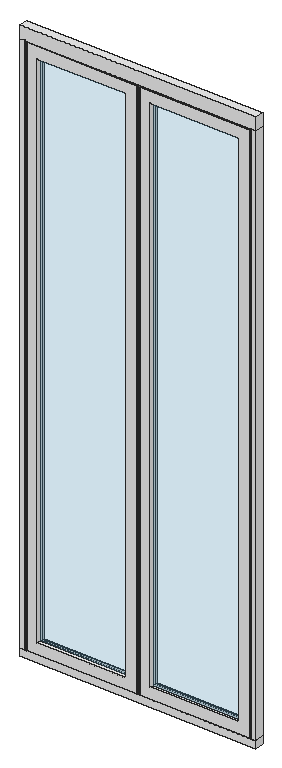
Revit family "98122", category Windows, host Wall, Revit 2018
Family settings
  Host = Wall
  OmniClass Number = 23.30.20.00
  OmniClass Title = Windows
  Always vertical = Yes
  Cut with Voids When Loaded = No
  Shared = No
  Room Calculation Point = No
Parameters (values of type "Standard")
  Y N Override Stack [instance] = no
  Y N Overide Number of Panels [instance] = no
  Warranty URL = "http://www.nanawall.com/support/warranty"
  URL = "http://www.nanawall.com/"
  U Value = 0.57
  Thickness = 0' - 1 3/4"
  Subcategory = "Folding Window"  # constant formula
  Stack Thickness [instance] = 0' 1 3/4" * Overide Number of Panels  # 0' - 7"
  Split Stack Right [instance] = 0
  Split Stack [instance] = no
  Size Comment [instance] = if(or(Y N Override Stack, Y N Overide Number of Panels), "CONTACT NANAWALL FOR SPECIAL SIZING", " ")  # " "
  Size Chart [instance] = "http://www.nanawall.com/products/sl45/size"
  Single Right Stack [instance] = if(and(Y N Override Stack, Left Stack), 1 = 0, if(Right Standard = 1, 1 = 1, if(and(C Split Stack, Split Stack Right = 1), 1 = 1, 1 = 0)))  # yes
  Single Panel [instance] = if(and(Closed, Width < 3' 3 1/16"), 1 = 1, if(Width > 3' 3", 1 = 0, 1 = 0))  # no
  Single Left Stack [instance] = if(and(not(Y N Override Stack), (Left Standard = 1)), 1 = 1, if(and(Y N Override Stack, Left Stack, (Panels = 1)), 1 = 1, (if(and(C Split Stack, Split Stack Right = Panels - 1), 1 = 1, 1 = 0))))  # yes
  Sills Available = "Raised, Low Profile Saddle, Flush"  # constant formula
  Sash = Metal - NanaWall - Aluminum
  Rough Width = Width - (2 * (0' 0 121/128"))  # 3' - 10 7/64"
  Rough Height = Height + 0' 2 133/256"  # 9' - 8 133/256"
  Right Standard [instance] = roundup(Panels / 2)  # 1
  Right Stack Width [instance] = RS C * Thickness  # 0' - 3 1/2"
  Right Stack [instance] = yes
  RS C [instance] = if(RS = 1, 2, if(RS = 0, 2, if(C Split Stack, Split Stack Right, RS)))  # 2
  RS [instance] = if(Not Overide Stack, Right Standard, if(C Right Stack, Panels, if(C Left Stack, 2, if(C Split Stack, Split Stack Right, 2))))  # 1
  Product Page URL = "http://www.nanawall.com/products/sl45"
  Performance URL = "http://www.nanawall.com/products/sl45/testingresult"
  Panels [instance] = if(Y N Overide Number of Panels, Overide Number of Panels, Panel Constraint)  # 2
  Panel Width [instance] = Opening Width / Panels  # 1' - 11 7/128"
  Panel Height = Height Constraint - (0' 2 133/256")  # 9' - 3 123/256"
  Panel Constraint [instance] = if(Width < 4' 7", 2, if(Width < 6' 10", 2, if(Width < 9' 2", 3, if(Width < 11' 5", 4, if(Width < 13' 10", 5, if(Width < 16' 0", 6, if(Width < 18' 4", 7, if(Width < 20' 7", 8, if(Width < 22' 10", 10, if(Width < 33' 0", 11, if(Width < 36' 0", 12, if(Width < 39' 0", 13, if(Width < 42' 0", 14, if(Width < 45' 0", 15, if(Width < 48' 0", 16, if(Width < 51' 0", 17, if(Width < 54' 0", 18, if(Width < 57' 0", 19, if(Width < 60' 0", 20, 21)))))))))))))))))))  # 2
  Overide Number of Panels [instance] = 4
  Opening Width = Width - (0' 0 121/128" * 2)  # 3' - 10 7/64"
  Open Right Single [instance] = if(and(Open, Single Right Stack), 1 = 1, 1 = 0)  # no
  Open Right Multi [instance] = if(and(Open, Multiple Right Stack), 1 = 1, 1 = 0)  # no
  Open Left Single [instance] = if(and(Open, Single Left Stack), 1 = 1, 1 = 0)  # no
  Open Left Multi [instance] = if(and(Open, Multiple Left Stack), 1 = 1, 1 = 0)  # no
  Open [instance] = no
  Number of 2D Swings [instance] = 3
  Not Overide Stack [instance] = not(Y N Override Stack)  # yes
  NanaWall Configurator = "http://www.nanawall.com/products/sl45/options"
  Multiple Right Stack [instance] = if(Width < 3' 3 1/16", 1 = 0, if(and(Right Standard < 1.5, Not Overide Stack), 1 = 0, if(and(Right Standard > 1, Not Overide Stack), 1 = 1, (if(and(C Split Stack, Split Stack Right > 1), 1 = 1, if(C Right Stack, 1 = 1, 1 = 0))))))  # no
  Multiple Panel [instance] = if(and(Open, Width > 3' 3 1/16"), 1 = 0, if(and(Closed, Width > 3' 3 1/16"), 1 = 1, if(Width < 3' 3", 1 = 0, 1 = 1)))  # yes
  Multiple Left Stack [instance] = if(and(Left Standard > 1, Not Overide Stack), 1 = 1, (if(and(C Split Stack, Split Stack Right < Panels - 1), 1 = 1, if(C Left Stack, 1 = 1, 1 = 0))))  # no
  Max Panel Height = if(Panel Height > 9' 6", 9' 6", Panel Height)  # 9' - 3 123/256"
  Manufacturer Toll Free Phone = "(888) 411-NANA(6262)"  # constant formula
  Manufacturer Phone = "(415) 383-3148"  # constant formula
  Manufacturer Fax = "(415) 383-0312"  # constant formula
  Manufacturer Email = "mailto:info@nanawall.com"
  Manufacturer Address = "100 Meadowcreek Drive #250, Corte Madera, CA 94925"  # constant formula
  Left Standard [instance] = rounddown(Panels / 2)  # 1
  Left Stack Width [instance] = LS C * Thickness  # 0' - 3 1/2"
  Left Stack [instance] = no
  LS C [instance] = if(L S = 1, 2, if(L S = 0, 2, if(C Split Stack, Panels - Split Stack Right, L S)))  # 2
  L S [instance] = if(Not Overide Stack, Left Standard, if(C Left Stack, Panels, if(C Right Stack, 2, if(C Split Stack, Panels - Split Stack Right, 2))))  # 1
  Installation and Service URL = "http://www.nanawall.com/support/installer"
  Height Constraint = if(Height < 3' 3", 3' 3", if(Height > 9' 6", 9' 6", Height))  # 9' - 6"
  Half Panel Width [instance] = Panel Width / 2  # 0' - 11 135/256"
  Glazing Options = "http://www.nanawall.com/products/sl45/glazing"
  Glass Material = Glass - NanaWall - Generic
  Filler = Rubber - NanaWall - Black
  Exterior Wall Offset = 0' - 5"
  Engineering Details URL = "http://www.nanawall.com/products/sl45/cad-3d"
  Disclaimer = "Please note that the Revit model is for schematic purposes only.  To obtain a detailed 3D model, please go to the NanaWall's configurator at www.nanawall.com."  # constant formula
  Description = "Monumental Aluminum Framed Folding System"  # constant formula
  Cost Info = "http://www.nanawall.com/products/sl45/pricing"
  Closed [instance] = not(Open)  # yes
  Clearance On [instance] = no
  C Split Stack [instance] = if(and(Y N Override Stack, Split Stack), 1 = 1, if(Right Stack, 1 = 0, if(Left Stack, 1 = 0, 1 = 0)))  # no
  C Right Stack [instance] = if(and(Y N Override Stack, Right Stack), 1 = 1, if(Left Stack, 1 = 0, if(Split Stack, 1 = 0, 1 = 1)))  # yes
  C Left Stack [instance] = if(and(Y N Override Stack, Left Stack), 1 = 1, if(Right Stack, 1 = 0, if(Split Stack, 1 = 0, 1 = 0)))  # no
  Assembly Code = "B2050.4010"
  95 CSI = "8411"  # constant formula
  04 CSI = "08 41 13"  # constant formula
  Model = "SL-45"  # constant formula
  Manufacturer = "NanaWall Systems, Inc."  # constant formula
  Height = 9' - 6"
  Wall Closure = By host
  Width = 4' - 0"
Reference planes (in)
  plane 1 "Center (Front/Back)": y = 0
  plane 2 "Center (Left/Right)": x = 0
  plane 3 "Left": x = -24
  plane 4 "Right": x = 24
  plane 5 "Top": z = 114
  plane 6: z = 111.48047
  plane 7 "Top Edge Of Sill": z = 1.45703
  plane 8: z = 57
  plane 9: x = -23.05512
  plane 10: x = 23.05512
  plane 11: x = 20.5
  plane 12: y = 0.875
  plane 13: y = -0.875
  plane 14: x = 0.00043
  plane 15 "Sash Offset Plane": y = -2
  plane 16: z = -1.45669
  plane 17: y = -2.89316
  plane 18: x = -20.5
Lines and regions (in)
  Opening 1
    outline origin (-90, -3, 0) x (1, 0, 0) y (0, 0, 1)
      loop
        line (66, 0) -> (114, 0) -> (114, 114) -> (66, 114) -> (66, 0)
  symbolic lines
    curve 1: line (-24, -1.125, 0) -> (-24, -2.89316, 0)
    curve 2: line (-23.05512, -2.89316, 0) -> (-24, -2.89316, 0)
    curve 3: line (-23.05512, -1.125, 0) -> (-24, -1.125, 0)
    curve 4: line (-23.05512, -1.125, 0) -> (-23.05512, -2.89316, 0)
    curve 5: line (24, -1.125, 0) -> (23.05512, -1.125, 0)
    curve 6: line (24, -2.89316, 0) -> (23.05512, -2.89316, 0)
    curve 7: line (23.05512, -1.125, 0) -> (23.05512, -2.89316, 0)
    curve 8: line (24, -1.125, 0) -> (24, -2.89316, 0)
    curve 12: line (-24, -1.11573, 0) -> (24, -1.11573, 0)
    curve 13: line (-24, -2.89316, 0) -> (24, -2.89316, 0)
    curve 14: line (-23.05512, -1.74409, 0) -> (23.05512, -1.74409, 0)
    curve 15: line (-23.05512, -2.25591, 0) -> (23.05512, -2.25591, 0)
  symbolic lines, visible <- "Clearance On"
    curve 9: line (-24, -25.94785, 0) -> (-24, -2.89316, 0)
    curve 10: line (24, -25.94785, 0) -> (-24, -25.94785, 0)
    curve 11: line (24, -2.89316, 0) -> (24, -25.94785, 0)
Text (in)
  text "Exterior" at (-82.07294, 24.99392, 0), in view "Ref. Level"
  text "Interior" at (-82.07294, -25.14366, 0), in view "Ref. Level"
  text "Exterior" at (0, 40.15149, 123.01588), in view "Right"
  text "Interior" at (0, -64.39139, 123.01588), in view "Right"
  text "Interior" at (0, -31.01599, 123.00693), in view "Left"
  text "Exterior" at (0, 54.57065, 123.00693), in view "Left"
Dimensions and locks (in)
  "Height Constraint": level to plane 5 "Top"
  "Width": plane 3 "Left" to plane 4 "Right"
  equal spacing: plane 3 "Left", plane 2 "Center (Left/Right)", plane 4 "Right"
  locked: level to plane 7 "Top Edge Of Sill" at 1.45703
  locked: plane 6 to plane 5 "Top" at 2.51953
  equal spacing: level, plane 8, plane 5 "Top"
  locked: plane 3 "Left" to plane 9 at 0.94488
  locked: plane 10 to plane 4 "Right" at 0.94488
  locked: plane 12 to plane 13 at 1.75
  locked: host wall to plane 12 at 0.875
  "Right Stack Width": plane 11 to plane 4 "Right"
  equal spacing: plane 12, plane 1 "Center (Front/Back)", plane 13
  "Panel Width": plane 14 to plane 10
  group 2 to group 1 = 0' - 1 3/4"
  group 1 to group 2 = 0' - 0"  (x2)
  "Exterior Wall Offset": plane 15 "Sash Offset Plane" to host wall
  group 3 to group 4 = 1' - 11.05555"
  group 3 to group 4 = 0' - 0"
  group 4 to group 3 = 0' - 0.0013"
  locked: plane 17 to plane 15 "Sash Offset Plane" at 0.89316
  plane 6 to nested 1 = 0' - 2 133/256"
  locked: plane 15 "Sash Offset Plane" to curve 3 at 0.875
  locked: curve 2 to plane 15 "Sash Offset Plane" at 0.89316
  locked: plane 15 "Sash Offset Plane" to curve 5 at 0.875
  locked: curve 6 to plane 15 "Sash Offset Plane" at 0.89316
  "Left Stack Width": plane 3 "Left" to plane 18
  group 5 to group 6 = 0' - 1 3/4"
  group 5 to group 6 = 0' - 0"  (x2)
  "Panel Width": curve 10 to plane 17
  group 8 to group 7 = 0' - 1 3/4"
  group 7 to group 8 = 0' - 0"  (x2)
  group 9 to group 10 = 0' - 1 3/4"
  group 9 to group 10 = 0' - 0"  (x2)
  curve 13 to plane 15 "Sash Offset Plane" to curve 12 = 0' - 0.89316" locked, 0' - 0.88427" locked
  curve 15 to plane 15 "Sash Offset Plane" to curve 14 = 0' - 0.25591" locked, 0' - 0.25591" locked
  plane 5 "Top" to plane 6 = 0' - 2 133/256"
  aligned and locked: plane 3 "Left" to Opening 1 sketch curve
  aligned and locked: Opening 1 sketch curve to plane 4 "Right"
  aligned and locked: Opening 1 sketch curve to level
  aligned and locked: plane 2 "Center (Left/Right)" to nested 1
  aligned and locked: nested 3 to plane 3 "Left"
  aligned and locked: plane 6 to nested 3
  aligned and locked: nested 1 to plane 5 "Top"
  aligned and locked: nested 4 to plane 4 "Right"
  aligned and locked: nested 5 to plane 4 "Right"
  aligned and locked: nested 6 to plane 11
  aligned and locked: level to nested 2
  aligned and locked: level to nested 4
  aligned and locked: nested 7 to plane 15 "Sash Offset Plane"
  aligned and locked: plane 6 to nested 7
  aligned and locked: plane 6 to nested 8
  aligned and locked: nested 8 to plane 15 "Sash Offset Plane"
  aligned and locked: plane 15 "Sash Offset Plane" to nested 2  (x2)
  aligned and locked: plane 15 "Sash Offset Plane" to nested 1  (x2)
  aligned and locked: Opening 1 sketch curve to plane 5 "Top"
  aligned and locked: plane 15 "Sash Offset Plane" to nested 3
  aligned and locked: nested 4 to plane 15 "Sash Offset Plane"
  aligned and locked: nested 5 to plane 17
  aligned and locked: nested 6 to plane 17
  aligned and locked: plane 10 to nested 8
  aligned and locked: plane 9 to nested 7
  aligned and locked: plane 3 "Left" to curve 1
  aligned and locked: curve 7 to plane 10
  aligned and locked: plane 4 "Right" to curve 8
  aligned and locked: plane 3 "Left" to nested 9
  aligned and locked: nested 9 to plane 17
  aligned and locked: nested 10 to plane 18
  aligned and locked: nested 10 to plane 17
  aligned and locked: curve 9 to plane 3 "Left"
  aligned and locked: plane 17 to nested 11
  aligned and locked: plane 17 to nested 12
  aligned and locked: nested 11 to plane 3 "Left"
  aligned and locked: nested 12 to plane 4 "Right"
  aligned and locked: plane 11 to nested 13
  aligned and locked: plane 17 to nested 6
  aligned and locked: nested 14 to plane 18
  aligned and locked: plane 17 to nested 14
  aligned and locked: nested 15 to plane 17
  aligned and locked: nested 16 to plane 17
  aligned and locked: nested 16 to plane 4 "Right"
  aligned and locked: plane 3 "Left" to nested 15
  aligned and locked: plane 17 to nested 17
  aligned and locked: plane 17 to nested 18
  aligned and locked: nested 17 to plane 3 "Left"
  aligned and locked: nested 18 to plane 4 "Right"
  aligned and locked: plane 3 "Left" to curve 12
  aligned and locked: plane 4 "Right" to curve 12
  aligned and locked: plane 4 "Right" to curve 13
  aligned and locked: plane 3 "Left" to curve 13
  aligned and locked: plane 9 to curve 14
  aligned and locked: plane 9 to curve 15
  aligned and locked: plane 10 to curve 15
  aligned and locked: plane 6 to nested 11
  aligned and locked: plane 6 to nested 12
  aligned and locked: plane 6 to nested 18
  aligned and locked: plane 6 to nested 17
  aligned and locked: plane 17 to nested 13
  aligned and locked: nested 19 to plane 9
  aligned and locked: nested 19 to plane 15 "Sash Offset Plane"
  aligned and locked: plane 6 to nested 13
  aligned and locked: plane 6 to nested 14
Nested families (in)
  nested 1: "Header_SL-45" at (7.30207, -2, 0), type "Header_SL-45"
  nested 2: "Sill_SL-45" at (7.30207, -2, -1.45669), type "Sill_SL-45"
  nested 3: "Left-Jamb_SL-45" at (-16.69793, -2, 0), type "Left-Jamb_SL-45"
  nested 4: "Left-Jamb_SL-45" at (16.69793, -2, 0) x (-1, 0, 0) z (0, 0, 1), type "Left-Jamb_SL-45"
  nested 5: "DetailItem_Panel" at (23.07973, -12.76034, 0), visible <- "Multiple Right Stack", type "DetailItem_Panel"
    with Panel Width 1' - 11 7/128"
  nested 6: "DetailItem_Panel" at (21.32973, -12.76034, 0), visible <- "Multiple Right Stack", type "DetailItem_Panel"
    with Panel Width 1' - 11 7/128"
  nested 7: "Sash_SL45" at (-11.51543, -10.125, 0.0013) x (-1, 0, 0) z (0, 0, 1), visible <- "Multiple Panel", type "Sash_SL45"
  nested 8: "Sash_SL45" at (11.54012, -10.125, 0) x (-1, 0, 0) z (0, 0, 1), visible <- "Multiple Panel", type "Sash_SL45"
  nested 9: "DetailItem_Panel" at (-23.17027, -12.76034, 0), visible <- "Multiple Left Stack", type "DetailItem_Panel"
    with Panel Width 1' - 11 7/128"
  nested 10: "DetailItem_Panel" at (-21.42027, -12.76034, 0), visible <- "Multiple Left Stack", type "DetailItem_Panel"
    with Panel Width 1' - 11 7/128"
  nested 11: "Sash_SL45" at (-31.25, -14.43285, 0) x (0, 1, 0) z (0, 0, 1), visible <- "Open Left Multi", type "Sash_SL45"
  nested 12: "Sash_SL45" at (15, -14.43285, 0) x (0, 1, 0) z (0, 0, 1), visible <- "Open Right Multi", type "Sash_SL45"
  nested 13: "Sash_SL45" at (13.25, -14.43285, 0) x (0, 1, 0) z (0, 0, 1), visible <- "Open Right Multi", type "Sash_SL45"
  nested 14: "Sash_SL45" at (-29.5, -14.43285, 0) x (0, 1, 0) z (0, 0, 1), visible <- "Open Left Multi", type "Sash_SL45"
  nested 15: "DetailItem_Panel" at (-23.17027, -12.76034, 0), visible <- "Single Left Stack", type "DetailItem_Panel"
    with Panel Width 1' - 11 7/128"
  nested 16: "DetailItem_Panel" at (23.07973, -12.76034, 0), visible <- "Single Right Stack", type "DetailItem_Panel"
    with Panel Width 1' - 11 7/128"
  nested 17: "Sash_SL45" at (-31.25, -14.43285, 0) x (0, 1, 0) z (0, 0, 1), visible <- "Open Left Single", type "Sash_SL45"
  nested 18: "Sash_SL45" at (15, -14.43285, 0) x (0, 1, 0) z (0, 0, 1), visible <- "Open Right Single", type "Sash_SL45"
  nested 19: "Sash_SL45" at (0.01192, -10.125, 0.92318) x (-1, 0, 0) z (0, 0, 1), visible <- "Single Panel", type "Sash_SL45 full"
    with Width 3' - 10 7/64"
Definition of nested family "Header_SL-45"
  Parameters
    Width = 4' - 0"
    Height = 9' - 6"
    Header = none
    Half = yes
    Assembly Code = ""
  Reference planes (in)
    plane 1 "Center (Front/Back)": y = 0
    plane 2: z = 0
    plane 3 "Center (Left/Right)": x = -7.30207
    plane 4 "Left": x = -31.30207
    plane 5 "Right": x = 16.69793
    plane 6 "Top": z = 114
  Forms (in)
    Sweep 1, solid, material <- "Header"
      path origin (-67.09578, -180, 114) x (-1, 0, 0) y (0, -1, 0)
        loop
          line (-35.79371, -180) -> (-83.79371, -180)
      profile "Profile_Head_SL-45 : Profile_Head_SL-45" origin (-7.30207, 0, 114) x (0, 1, 0) y (0, 0, 1)
        loop
          line (0.88583, 0) -> (-0.88583, 0) -> (-0.88583, -2.51969) -> (0.88583, -2.51969) -> (0.88583, 0)
  Dimensions and locks (in)
    equal spacing: plane 4 "Left", plane 3 "Center (Left/Right)", plane 5 "Right"
    "Width": plane 4 "Left" to plane 5 "Right"
    "Height": plane 6 "Top" to level
    aligned and locked: nested 1 to plane 6 "Top"
    aligned and locked: plane 1 "Center (Front/Back)" to nested 1
  Automatic sketch dimensions
    Sweep 1 sketch curve to plane 1 "Center (Front/Back)" = 0' - 0"
    Sweep 1 sketch curve to plane 5 "Right" = 0' - 0"
    Sweep 1 sketch curve to plane 4 "Left" = 0' - 0"
  Nested families (in)
    nested 1: "Header_Nana_Walls-S45" at (-31.30207, 0, 114) x (0, -1, 0) z (-1, 0, 0), type "Header_Nana_Walls-S45", detail levels fine
  Definition of nested family "Header_Nana_Walls-S45"
    Parameters
      SmartBIM Object Version = 1  # constant formula
      SmartBIM Object Created By = "Reed Construction Data"  # constant formula
      Half = yes
      Assembly Code = ""
      95 CSI = ""
      04 CSI = ""
    Reference planes (in)
      plane 1 "Center (Front/Back)": y = 0
      plane 2: z = 0
      plane 3 "Center (Left/Right)": x = 0
    Lines and regions (in)
      model lines, in view "Ref. Level"
        curve 1: arc (0.18449, -1.34699, 0) -> (0, -0.76359, 0) -> (-0.18448, -1.34699, 0) r 0.32087
        curve 2: arc (-0.26378, -0.29706, 0) -> (-0.29997, -0.31205, 0) -> (-0.31496, -0.34824, 0) r 0.05118
        curve 3: arc (-0.70866, -1.47816, 0) -> (-0.59055, -1.59627, 0) -> (-0.47244, -1.47816, 0) r 0.11811
        curve 4: arc (-0.47244, -0.69076, 0) -> (-0.59055, -0.57265, 0) -> (-0.70866, -0.69076, 0) r 0.11811
        curve 5: circle (0, -1.08446, 0) r 0.15748 normal (0, 0, 1)
        curve 6: circle (0, -1.08446, 0) r 0.1378 normal (0, 0, 1)
        curve 7: arc (-0.09137, -1.23625, 0) -> (0, -1.26163, 0) -> (0.09137, -1.23625, 0) r 0.17717
        curve 8: arc (-0.18448, -1.34699, 0) -> (-0.15004, -1.35233, 0) -> (-0.12485, -1.32824, 0) r 0.03937
        curve 9: arc (-0.08965, -1.23152, 0) -> (-0.08924, -1.2193, 0) -> (-0.09613, -1.2092, 0) r 0.01969
        curve 10: arc (0.09613, -1.2092, 0) -> (0.08924, -1.2193, 0) -> (0.08965, -1.23152, 0) r 0.01969
        curve 11: arc (0.12485, -1.32824, 0) -> (0.15004, -1.35233, 0) -> (0.18449, -1.34699, 0) r 0.03937
        curve 12: arc (-0.02614, -0.90923, 0) -> (-0.10494, -0.94172, 0) -> (-0.15945, -1.00724, 0) r 0.17717
        curve 13: arc (-0.06451, -0.85722, 0) -> (-0.14996, -0.90194, 0) -> (-0.21041, -0.97709, 0) r 0.23622
        curve 14: arc (-0.21041, -0.97709, 0) -> (-0.20966, -0.99632, 0) -> (-0.19287, -1.00572, 0) r 0.01969
        curve 15: arc (-0.14847, -1.03197, 0) -> (-0.15096, -1.01404, 0) -> (-0.16703, -1.00572, 0) r 0.01969
        curve 16: arc (-0.04063, -0.86942, 0) -> (-0.05017, -0.85863, 0) -> (-0.06451, -0.85722, 0) r 0.01969
        curve 17: arc (0.21041, -0.97709, 0) -> (0.14996, -0.90194, 0) -> (0.06451, -0.85722, 0) r 0.23622
        curve 18: arc (0.15945, -1.00724, 0) -> (0.10494, -0.94172, 0) -> (0.02614, -0.90923, 0) r 0.17717
        curve 19: arc (-0.0244, -0.91403, 0) -> (-0.01719, -0.92342, 0) -> (-0.0059, -0.92698, 0) r 0.01969
        curve 20: arc (0.0059, -0.92698, 0) -> (0.01719, -0.92342, 0) -> (0.0244, -0.91403, 0) r 0.01969
        curve 21: arc (0.06451, -0.85722, 0) -> (0.05017, -0.85863, 0) -> (0.04063, -0.86942, 0) r 0.01969
        curve 22: arc (0.16703, -1.00572, 0) -> (0.15096, -1.01404, 0) -> (0.14847, -1.03197, 0) r 0.01969
        curve 23: arc (0.19287, -1.00572, 0) -> (0.20966, -0.99632, 0) -> (0.21041, -0.97709, 0) r 0.01969
        curve 24: arc (0.47244, -1.47816, 0) -> (0.59055, -1.59627, 0) -> (0.70866, -1.47816, 0) r 0.11811
        curve 25: arc (0.70866, -0.69076, 0) -> (0.59055, -0.57265, 0) -> (0.47244, -0.69076, 0) r 0.11811
        curve 26: arc (0.31496, -0.34824, 0) -> (0.29997, -0.31205, 0) -> (0.26378, -0.29706, 0) r 0.05118
        curve 27: line (-0.28543, -1.32068, 0) -> (-0.28543, -2.63761, 0)
        curve 28: line (0, -2.63761, 0) -> (0, -0.21853, 0)
        curve 29: line (0.28543, -1.32068, 0) -> (0.28543, -2.63761, 0)
        curve 47: line (0.21715, -1.32068, 0) -> (0.3937, -1.32068, 0)
        curve 48: line (0.3937, -1.32068, 0) -> (0.3937, -0.84824, 0)
        curve 49: line (0.3937, -0.84824, 0) -> (0.21715, -0.84824, 0)
        curve 50: line (-0.34449, -0.84824, 0) -> (-0.34449, -0.69076, 0)
        curve 51: line (-0.34449, -0.69076, 0) -> (0.34449, -0.69076, 0)
        curve 52: line (0.34449, -0.69076, 0) -> (0.34449, -0.84824, 0)
        curve 53: line (0.31496, -0.69076, 0) -> (0.31496, -0.34824, 0)
        curve 54: line (0.31496, -0.34824, 0) -> (-0.31496, -0.34824, 0)
        curve 55: line (-0.31496, -0.34824, 0) -> (-0.31496, -0.69076, 0)
        curve 56: line (0.26378, -0.29706, 0) -> (-0.26378, -0.29706, 0)
        curve 57: line (0.33097, -1.08446, 0) -> (-0.36397, -1.08446, 0)
        curve 58: line (-0.21715, -0.84824, 0) -> (-0.3937, -0.84824, 0)
        curve 59: line (-0.3937, -0.84824, 0) -> (-0.3937, -1.32068, 0)
        curve 60: line (-0.3937, -1.32068, 0) -> (-0.21715, -1.32068, 0)
        curve 61: line (-0.70866, -0.69076, 0) -> (-0.70866, -1.47816, 0)
        curve 62: line (-0.72047, -1.00966, 0) -> (-0.75984, -1.00966, 0)
        curve 63: line (-0.75984, -1.00966, 0) -> (-0.75984, -1.15926, 0)
        curve 64: line (-0.75984, -1.15926, 0) -> (-0.72047, -1.15926, 0)
        curve 65: line (-0.70866, -0.9073, 0) -> (-0.72047, -0.9073, 0)
        curve 66: line (-0.72047, -0.9073, 0) -> (-0.72047, -1.26163, 0)
        curve 67: line (-0.72047, -1.26163, 0) -> (-0.70866, -1.26163, 0)
        curve 68: line (-0.47244, -0.69076, 0) -> (-0.47244, -1.47816, 0)
        curve 69: line (-0.3937, -1.26163, 0) -> (-0.47244, -1.26163, 0)
        curve 70: line (-0.3937, -0.9073, 0) -> (-0.47244, -0.9073, 0)
        curve 71: line (-0.1221, -1.32068, 0) -> (0.1221, -1.32068, 0)
        curve 72: line (-0.12485, -1.32824, 0) -> (-0.09137, -1.23625, 0)
        curve 73: line (0.09137, -1.23625, 0) -> (0.12485, -1.32824, 0)
        curve 74: line (-0.04063, -0.86942, 0) -> (-0.02614, -0.90923, 0)
        curve 75: line (-0.16703, -1.00572, 0) -> (-0.19287, -1.00572, 0)
        curve 76: line (0.02614, -0.90923, 0) -> (0.04063, -0.86942, 0)
        curve 77: line (0.19287, -1.00572, 0) -> (0.16703, -1.00572, 0)
        curve 78: line (0.70866, -0.69076, 0) -> (0.70866, -1.47816, 0)
        curve 79: line (0.47244, -0.69076, 0) -> (0.47244, -1.47816, 0)
        curve 80: line (0.70866, -0.9073, 0) -> (0.72047, -0.9073, 0)
        curve 81: line (0.72047, -0.9073, 0) -> (0.72047, -1.26163, 0)
        curve 82: line (0.72047, -1.26163, 0) -> (0.70866, -1.26163, 0)
        curve 83: line (0.72047, -1.00966, 0) -> (0.75984, -1.00966, 0)
        curve 84: line (0.75984, -1.00966, 0) -> (0.75984, -1.15926, 0)
        curve 85: line (0.75984, -1.15926, 0) -> (0.72047, -1.15926, 0)
        curve 86: line (0.3937, -1.26163, 0) -> (0.47244, -1.26163, 0)
        curve 87: line (0.3937, -0.9073, 0) -> (0.47244, -0.9073, 0)
        curve 111: line (-0.55905, -2.45669, 0) -> (-0.77165, -2.45669, 0)
        curve 112: line (-0.60468, -2.40551, 0) -> (-0.7397, -2.40551, 0)
        curve 114: line (0.55906, -2.45669, 0) -> (0.77165, -2.45669, 0)
        curve 121: line (0.60468, -2.40551, 0) -> (0.7397, -2.40551, 0)
        curve 155: arc (-0.46201, -2.30012, 0) -> (-0.4932, -2.30208, 0) -> (-0.49515, -2.33327, 0) r 0.02362
        curve 156: arc (-0.59146, -2.33327, 0) -> (-0.59342, -2.30208, 0) -> (-0.6246, -2.30012, 0) r 0.02362
        curve 157: arc (-0.69939, -2.31328, 0) -> (-0.76696, -2.30166, 0) -> (-0.76854, -2.37021, 0) r 0.04528
        curve 158: arc (-0.44832, -2.38732, 0) -> (-0.39039, -2.31489, 0) -> (-0.38057, -2.22268, 0) r 0.16535
        curve 159: arc (-0.59146, -2.33327, 0) -> (-0.54331, -2.34646, 0) -> (-0.49515, -2.33327, 0) r 0.09449
        curve 160: arc (-0.79528, -2.40551, 0) -> (-0.80919, -2.41128, 0) -> (-0.81496, -2.4252, 0) r 0.01969
        curve 161: arc (-0.81496, -2.43701, 0) -> (-0.80919, -2.45093, 0) -> (-0.79528, -2.45669, 0) r 0.01969
        curve 162: arc (-0.68501, -2.33719, 0) -> (-0.65043, -2.37793, 0) -> (-0.60468, -2.40551, 0) r 0.16535
        curve 163: arc (-0.75591, -2.47244, 0) -> (-0.76052, -2.46131, 0) -> (-0.77165, -2.45669, 0) r 0.01575
        curve 164: arc (-0.77559, -2.51969, 0) -> (-0.76167, -2.51392, 0) -> (-0.75591, -2.5, 0) r 0.01969
        curve 165: arc (-0.7397, -2.40551, 0) -> (-0.73603, -2.40299, 0) -> (-0.73706, -2.39865, 0) r 0.00394
        curve 166: arc (-0.55905, -2.45669, 0) -> (-0.57297, -2.46246, 0) -> (-0.57874, -2.47638, 0) r 0.01969
        curve 167: arc (-0.57874, -2.5, 0) -> (-0.57297, -2.51392, 0) -> (-0.55905, -2.51969, 0) r 0.01969
        curve 168: arc (-0.52756, -2.4252, 0) -> (-0.53332, -2.41128, 0) -> (-0.54724, -2.40551, 0) r 0.01969
        curve 169: arc (-0.54724, -2.45669, 0) -> (-0.53332, -2.45093, 0) -> (-0.52756, -2.43701, 0) r 0.01969
        curve 170: arc (-0.37402, -2.51969, 0) -> (-0.31834, -2.49662, 0) -> (-0.29528, -2.44094, 0) r 0.07874
        curve 171: arc (-0.45669, -2.41732, 0) -> (-0.44452, -2.44579, 0) -> (-0.41552, -2.45665, 0) r 0.03937
        curve 172: arc (-0.44832, -2.38732, 0) -> (-0.45447, -2.39435, 0) -> (-0.45669, -2.40343, 0) r 0.01969
        curve 173: arc (-0.41552, -2.45665, 0) -> (-0.38902, -2.45101, 0) -> (-0.3684, -2.43343, 0) r 0.05512
        curve 174: arc (-0.29528, -2.42913, 0) -> (-0.31722, -2.39912, 0) -> (-0.35248, -2.41093, 0) r 0.0315
        curve 175: arc (-0.49858, -2.17678, 0) -> (-0.49054, -2.20415, 0) -> (-0.46201, -2.20382, 0) r 0.02362
        curve 176: arc (-0.60314, -2.14833, 0) -> (-0.6332, -2.12885, 0) -> (-0.66659, -2.14178, 0) r 0.03937
        curve 177: arc (-0.66659, -2.14178, 0) -> (-0.68622, -2.16879, 0) -> (-0.70001, -2.1992, 0) r 0.16535
        curve 178: arc (-0.71867, -2.2126, 0) -> (-0.70718, -2.2089, 0) -> (-0.70001, -2.1992, 0) r 0.01969
        curve 179: arc (-0.6246, -2.20382, 0) -> (-0.59608, -2.20415, 0) -> (-0.58803, -2.17678, 0) r 0.02362
        curve 180: arc (-0.6246, -2.20382, 0) -> (-0.63779, -2.25197, 0) -> (-0.6246, -2.30012, 0) r 0.09449
        curve 181: arc (-0.78346, -1.4815, 0) -> (-0.77819, -1.50119, 0) -> (-0.76378, -1.5156, 0) r 0.03937
        curve 182: arc (-0.59909, -1.61068, 0) -> (-0.5794, -1.61596, 0) -> (-0.55972, -1.61068, 0) r 0.03937
        curve 183: arc (-0.46201, -2.30012, 0) -> (-0.44882, -2.25197, 0) -> (-0.46201, -2.20382, 0) r 0.09449
        curve 184: arc (-0.36119, -2.19951, 0) -> (-0.3763, -2.20657, 0) -> (-0.38057, -2.22268, 0) r 0.01969
        curve 185: arc (-0.44937, -2.12864, 0) -> (-0.46906, -2.13392, 0) -> (-0.48347, -2.14833, 0) r 0.03937
        curve 186: arc (-0.33465, -2.19951, 0) -> (-0.30681, -2.18798, 0) -> (-0.29528, -2.16014, 0) r 0.03937
        curve 187: arc (-0.31496, -2.07155, 0) -> (-0.32888, -2.07731, 0) -> (-0.33465, -2.09123, 0) r 0.01969
        curve 188: arc (-0.29528, -2.09123, 0) -> (-0.30104, -2.07731, 0) -> (-0.31496, -2.07155, 0) r 0.01969
        curve 189: arc (-0.35433, -2.12864, 0) -> (-0.34041, -2.12288, 0) -> (-0.33465, -2.10896, 0) r 0.01969
        curve 190: arc (-0.33465, -1.77559, 0) -> (-0.30681, -1.76406, 0) -> (-0.29528, -1.73622, 0) r 0.03937
        curve 191: arc (-0.38924, -1.55772, 0) -> (-0.41315, -1.53937, 0) -> (-0.44302, -1.54331, 0) r 0.03937
        curve 192: arc (-0.49515, -0.29272, 0) -> (-0.4932, -0.32391, 0) -> (-0.46201, -0.32586, 0) r 0.02362
        curve 193: arc (-0.46201, -0.42217, 0) -> (-0.49054, -0.42183, 0) -> (-0.49858, -0.44921, 0) r 0.02362
        curve 194: arc (-0.49515, -0.29272, 0) -> (-0.54331, -0.27953, 0) -> (-0.59146, -0.29272, 0) r 0.09449
        curve 195: arc (-0.70001, -0.42679, 0) -> (-0.68622, -0.45719, 0) -> (-0.66659, -0.48421, 0) r 0.16535
        curve 196: arc (-0.66659, -0.48421, 0) -> (-0.6332, -0.49713, 0) -> (-0.60314, -0.47766, 0) r 0.03937
        curve 197: arc (-0.54331, -0.20866, 0) -> (-0.63978, -0.23972, 0) -> (-0.70001, -0.32124, 0) r 0.16535
        curve 198: arc (-0.80709, -0.31496, 0) -> (-0.80132, -0.32888, 0) -> (-0.7874, -0.33465, 0) r 0.01969
        curve 199: arc (-0.76378, -0.41339, 0) -> (-0.7777, -0.41915, 0) -> (-0.78346, -0.43307, 0) r 0.01969
        curve 200: arc (-0.70001, -0.42679, 0) -> (-0.70718, -0.41708, 0) -> (-0.71867, -0.41339, 0) r 0.01969
        curve 201: arc (-0.71867, -0.33465, 0) -> (-0.70718, -0.33095, 0) -> (-0.70001, -0.32124, 0) r 0.01969
        curve 202: arc (-0.6246, -0.32586, 0) -> (-0.59342, -0.32391, 0) -> (-0.59146, -0.29272, 0) r 0.02362
        curve 203: arc (-0.58803, -0.44921, 0) -> (-0.59608, -0.42183, 0) -> (-0.6246, -0.42217, 0) r 0.02362
        curve 204: arc (-0.6246, -0.32586, 0) -> (-0.63779, -0.37402, 0) -> (-0.6246, -0.42217, 0) r 0.09449
        curve 205: arc (-0.42002, -0.48421, 0) -> (-0.37861, -0.38872, 0) -> (-0.40245, -0.2874, 0) r 0.16535
        curve 206: arc (-0.48347, -0.47766, 0) -> (-0.45342, -0.49713, 0) -> (-0.42002, -0.48421, 0) r 0.03937
        curve 207: arc (-0.46201, -0.42217, 0) -> (-0.44882, -0.37402, 0) -> (-0.46201, -0.32586, 0) r 0.09449
        curve 208: arc (-0.33465, -0.2874, 0) -> (-0.26505, -0.25857, 0) -> (-0.23622, -0.18898, 0) r 0.09843
        curve 209: arc (-0.33465, -0.20866, 0) -> (-0.32073, -0.2029, 0) -> (-0.31496, -0.18898, 0) r 0.01969
        curve 210: arc (-0.21654, -0.07874, 0) -> (-0.23045, -0.08451, 0) -> (-0.23622, -0.09843, 0) r 0.01969
        curve 211: arc (0.62461, -2.30012, 0) -> (0.59342, -2.30208, 0) -> (0.59146, -2.33327, 0) r 0.02362
        curve 212: arc (0.76855, -2.37021, 0) -> (0.76696, -2.30166, 0) -> (0.69939, -2.31328, 0) r 0.04528
        curve 213: arc (0.49515, -2.33327, 0) -> (0.4932, -2.30208, 0) -> (0.46201, -2.30012, 0) r 0.02362
        curve 214: arc (0.38057, -2.22268, 0) -> (0.39039, -2.31489, 0) -> (0.44832, -2.38732, 0) r 0.16535
        curve 215: arc (0.29528, -2.44094, 0) -> (0.31834, -2.49662, 0) -> (0.37402, -2.51969, 0) r 0.07874
        curve 216: arc (0.35248, -2.41093, 0) -> (0.31722, -2.39912, 0) -> (0.29528, -2.42913, 0) r 0.0315
        curve 217: arc (0.3684, -2.43343, 0) -> (0.38902, -2.45101, 0) -> (0.41552, -2.45665, 0) r 0.05512
        curve 218: arc (0.57874, -2.47638, 0) -> (0.57297, -2.46246, 0) -> (0.55906, -2.45669, 0) r 0.01969
        curve 219: arc (0.55906, -2.51969, 0) -> (0.57297, -2.51392, 0) -> (0.57874, -2.5, 0) r 0.01969
        curve 220: arc (0.49515, -2.33327, 0) -> (0.54331, -2.34646, 0) -> (0.59146, -2.33327, 0) r 0.09449
        curve 221: arc (0.45669, -2.40343, 0) -> (0.45447, -2.39435, 0) -> (0.44832, -2.38732, 0) r 0.01969
        curve 222: arc (0.41552, -2.45665, 0) -> (0.44452, -2.44579, 0) -> (0.45669, -2.41732, 0) r 0.03937
        curve 223: arc (0.54724, -2.40551, 0) -> (0.53332, -2.41128, 0) -> (0.52756, -2.4252, 0) r 0.01969
        curve 224: arc (0.52756, -2.43701, 0) -> (0.53332, -2.45093, 0) -> (0.54724, -2.45669, 0) r 0.01969
        curve 225: arc (0.60468, -2.40551, 0) -> (0.65043, -2.37793, 0) -> (0.68501, -2.33719, 0) r 0.16535
        curve 226: arc (0.77165, -2.45669, 0) -> (0.76052, -2.46131, 0) -> (0.75591, -2.47244, 0) r 0.01575
        curve 227: arc (0.75591, -2.5, 0) -> (0.76167, -2.51392, 0) -> (0.77559, -2.51969, 0) r 0.01969
        curve 228: arc (0.81496, -2.4252, 0) -> (0.8092, -2.41128, 0) -> (0.79528, -2.40551, 0) r 0.01969
        curve 229: arc (0.79528, -2.45669, 0) -> (0.8092, -2.45093, 0) -> (0.81496, -2.43701, 0) r 0.01969
        curve 230: arc (0.73706, -2.39865, 0) -> (0.73603, -2.40299, 0) -> (0.7397, -2.40551, 0) r 0.00394
        curve 231: arc (0.29528, -2.16014, 0) -> (0.30681, -2.18798, 0) -> (0.33465, -2.19951, 0) r 0.03937
        curve 232: arc (0.38057, -2.22268, 0) -> (0.3763, -2.20657, 0) -> (0.36119, -2.19951, 0) r 0.01969
        curve 233: arc (0.33465, -2.10896, 0) -> (0.34041, -2.12288, 0) -> (0.35433, -2.12864, 0) r 0.01969
        curve 234: arc (0.33465, -2.09123, 0) -> (0.32888, -2.07731, 0) -> (0.31496, -2.07155, 0) r 0.01969
        curve 235: arc (0.31496, -2.07155, 0) -> (0.30104, -2.07731, 0) -> (0.29528, -2.09123, 0) r 0.01969
        curve 236: arc (0.29528, -1.73622, 0) -> (0.30681, -1.76406, 0) -> (0.33465, -1.77559, 0) r 0.03937
        curve 237: arc (0.46201, -2.20382, 0) -> (0.49054, -2.20415, 0) -> (0.49858, -2.17678, 0) r 0.02362
        curve 238: arc (0.46201, -2.20382, 0) -> (0.44882, -2.25197, 0) -> (0.46201, -2.30012, 0) r 0.09449
        curve 239: arc (0.48347, -2.14833, 0) -> (0.46906, -2.13392, 0) -> (0.44937, -2.12864, 0) r 0.03937
        curve 240: arc (0.70001, -2.1992, 0) -> (0.68622, -2.16879, 0) -> (0.66659, -2.14178, 0) r 0.16535
        curve 241: arc (0.62461, -2.30012, 0) -> (0.6378, -2.25197, 0) -> (0.62461, -2.20382, 0) r 0.09449
        curve 242: arc (0.58803, -2.17678, 0) -> (0.59608, -2.20415, 0) -> (0.62461, -2.20382, 0) r 0.02362
        curve 243: arc (0.70001, -2.1992, 0) -> (0.70718, -2.2089, 0) -> (0.71867, -2.2126, 0) r 0.01969
        curve 244: arc (0.66659, -2.14178, 0) -> (0.6332, -2.12885, 0) -> (0.60314, -2.14833, 0) r 0.03937
        curve 245: arc (0.44302, -1.54331, 0) -> (0.41315, -1.53937, 0) -> (0.38924, -1.55772, 0) r 0.03937
        curve 246: arc (0.55972, -1.61068, 0) -> (0.5794, -1.61596, 0) -> (0.59909, -1.61068, 0) r 0.03937
        curve 247: arc (0.76378, -1.5156, 0) -> (0.77819, -1.50119, 0) -> (0.78346, -1.4815, 0) r 0.03937
        curve 248: arc (0.66659, -0.48421, 0) -> (0.68622, -0.45719, 0) -> (0.70001, -0.42679, 0) r 0.16535
        curve 249: arc (0.40245, -0.2874, 0) -> (0.37861, -0.38872, 0) -> (0.42002, -0.48421, 0) r 0.16535
        curve 250: arc (0.42002, -0.48421, 0) -> (0.45342, -0.49713, 0) -> (0.48347, -0.47766, 0) r 0.03937
        curve 251: arc (0.60314, -0.47766, 0) -> (0.6332, -0.49713, 0) -> (0.66659, -0.48421, 0) r 0.03937
        curve 252: arc (0.23622, -0.18898, 0) -> (0.26505, -0.25857, 0) -> (0.33465, -0.2874, 0) r 0.09843
        curve 253: arc (0.31496, -0.18898, 0) -> (0.32073, -0.2029, 0) -> (0.33465, -0.20866, 0) r 0.01969
        curve 254: arc (0.23622, -0.09843, 0) -> (0.23046, -0.08451, 0) -> (0.21654, -0.07874, 0) r 0.01969
        curve 255: arc (0.70001, -0.32124, 0) -> (0.63979, -0.23972, 0) -> (0.54331, -0.20866, 0) r 0.16535
        curve 256: arc (0.59146, -0.29272, 0) -> (0.54331, -0.27953, 0) -> (0.49515, -0.29272, 0) r 0.09449
        curve 257: arc (0.46201, -0.32586, 0) -> (0.4932, -0.32391, 0) -> (0.49515, -0.29272, 0) r 0.02362
        curve 258: arc (0.49858, -0.44921, 0) -> (0.49054, -0.42183, 0) -> (0.46201, -0.42217, 0) r 0.02362
        curve 259: arc (0.46201, -0.32586, 0) -> (0.44882, -0.37402, 0) -> (0.46201, -0.42217, 0) r 0.09449
        curve 260: arc (0.59146, -0.29272, 0) -> (0.59342, -0.32391, 0) -> (0.62461, -0.32586, 0) r 0.02362
        curve 261: arc (0.62461, -0.42217, 0) -> (0.6378, -0.37402, 0) -> (0.62461, -0.32586, 0) r 0.09449
        curve 262: arc (0.62461, -0.42217, 0) -> (0.59608, -0.42183, 0) -> (0.58803, -0.44921, 0) r 0.02362
        curve 263: arc (0.71867, -0.41339, 0) -> (0.70718, -0.41708, 0) -> (0.70001, -0.42679, 0) r 0.01969
        curve 264: arc (0.70001, -0.32124, 0) -> (0.70718, -0.33095, 0) -> (0.71867, -0.33465, 0) r 0.01969
        curve 265: arc (0.7874, -0.33465, 0) -> (0.80132, -0.32888, 0) -> (0.80709, -0.31496, 0) r 0.01969
        curve 266: arc (0.78346, -0.43307, 0) -> (0.7777, -0.41915, 0) -> (0.76378, -0.41339, 0) r 0.01969
        curve 333: line (0.21654, -0.07874, 0) -> (0, -0.07874, 0)
        curve 334: line (0, -0.07874, 0) -> (-0.21654, -0.07874, 0)
        curve 335: line (-0.78346, -0.43307, 0) -> (-0.78346, -1.4815, 0)
        curve 336: line (-0.69939, -2.31328, 0) -> (-0.68501, -2.33719, 0)
        curve 337: line (-0.37402, -2.51969, 0) -> (-0.55905, -2.51969, 0)
        curve 338: line (-0.75591, -2.47244, 0) -> (-0.75591, -2.5, 0)
        curve 339: line (-0.73706, -2.39865, 0) -> (-0.76854, -2.37021, 0)
        curve 340: line (-0.7397, -2.40551, 0) -> (-0.79528, -2.40551, 0)
        curve 341: line (-0.79528, -2.45669, 0) -> (-0.77165, -2.45669, 0)
        curve 342: line (-0.81496, -2.4252, 0) -> (-0.81496, -2.43701, 0)
        curve 343: line (-0.57874, -2.47638, 0) -> (-0.57874, -2.5, 0)
        curve 344: line (-0.54724, -2.40551, 0) -> (-0.60468, -2.40551, 0)
        curve 345: line (-0.54724, -2.45669, 0) -> (-0.55905, -2.45669, 0)
        curve 346: line (-0.52756, -2.4252, 0) -> (-0.52756, -2.43701, 0)
        curve 347: line (-0.35248, -2.41093, 0) -> (-0.3684, -2.43343, 0)
        curve 348: line (-0.45669, -2.40343, 0) -> (-0.45669, -2.41732, 0)
        curve 349: line (-0.29528, -2.42913, 0) -> (-0.29528, -2.44094, 0)
        curve 350: line (-0.44302, -1.54331, 0) -> (-0.55972, -1.61068, 0)
        curve 351: line (-0.60314, -2.14833, 0) -> (-0.59055, -2.17014, 0)
        curve 352: line (-0.59055, -2.17014, 0) -> (-0.58803, -2.17678, 0)
        curve 353: line (-0.76378, -1.5156, 0) -> (-0.59909, -1.61068, 0)
        curve 354: line (-0.29528, -1.73622, 0) -> (-0.29528, -1.72047, 0)
        curve 355: line (-0.29528, -1.72047, 0) -> (-0.38924, -1.55772, 0)
        curve 356: line (-0.44937, -2.12864, 0) -> (-0.37402, -2.12864, 0)
        curve 357: line (-0.37402, -2.12864, 0) -> (-0.35433, -2.12864, 0)
        curve 358: line (-0.36119, -2.19951, 0) -> (-0.33465, -2.19951, 0)
        curve 359: line (-0.48347, -2.14833, 0) -> (-0.49606, -2.17014, 0)
        curve 360: line (-0.49606, -2.17014, 0) -> (-0.49858, -2.17678, 0)
        curve 361: line (-0.33465, -2.09123, 0) -> (-0.33465, -2.10896, 0)
        curve 362: line (-0.29528, -2.16014, 0) -> (-0.29528, -2.09123, 0)
        curve 363: line (-0.33465, -1.77559, 0) -> (-0.37402, -1.77559, 0)
        curve 364: line (-0.37402, -1.77559, 0) -> (-0.37402, -1.72047, 0)
        curve 365: line (-0.37402, -1.72047, 0) -> (-0.78346, -1.72047, 0)
        curve 366: line (-0.78346, -1.72047, 0) -> (-0.78346, -2.2126, 0)
        curve 367: line (-0.78346, -2.2126, 0) -> (-0.71867, -2.2126, 0)
        curve 368: line (-0.54331, -0.20866, 0) -> (-0.33465, -0.20866, 0)
        curve 369: line (-0.60314, -0.47766, 0) -> (-0.59055, -0.45584, 0)
        curve 370: line (-0.59055, -0.45584, 0) -> (-0.58803, -0.44921, 0)
        curve 371: line (-0.80709, -0.31496, 0) -> (-0.80709, -0.05906, 0)
        curve 372: line (-0.80709, -0.05906, 0) -> (-0.68898, -0.05906, 0)
        curve 373: line (-0.68898, -0.05906, 0) -> (-0.7048, 0, 0)
        curve 374: line (-0.7048, 0, 0) -> (-0.88583, 0, 0)
        curve 375: line (-0.88583, 0, 0) -> (-0.88583, -2.51969, 0)
        curve 376: line (-0.88583, -2.51969, 0) -> (-0.77559, -2.51969, 0)
        curve 377: line (-0.71867, -0.41339, 0) -> (-0.77559, -0.41339, 0)
        curve 378: line (-0.71867, -0.33465, 0) -> (-0.7874, -0.33465, 0)
        curve 379: line (-0.48347, -0.47766, 0) -> (-0.49606, -0.45584, 0)
        curve 380: line (-0.49606, -0.45584, 0) -> (-0.49858, -0.44921, 0)
        curve 381: line (-0.23622, -0.18898, 0) -> (-0.23622, -0.09843, 0)
        curve 382: line (-0.31496, -0.18898, 0) -> (-0.31496, -0.05906, 0)
        curve 383: line (-0.31496, -0.05906, 0) -> (-0.3937, -0.05906, 0)
        curve 384: line (-0.3937, -0.05906, 0) -> (-0.37788, 0, 0)
        curve 385: line (-0.37788, 0, 0) -> (0, 0, 0)
        curve 386: line (0, 0, 0) -> (0.37788, 0, 0)
        curve 387: line (0.37788, 0, 0) -> (0.3937, -0.05906, 0)
        curve 388: line (0.3937, -0.05906, 0) -> (0.31496, -0.05906, 0)
        curve 389: line (0.31496, -0.05906, 0) -> (0.31496, -0.18898, 0)
        curve 390: line (-0.40245, -0.2874, 0) -> (-0.33465, -0.2874, 0)
        curve 391: line (0.78346, -0.43307, 0) -> (0.78346, -1.4815, 0)
        curve 392: line (0.69939, -2.31328, 0) -> (0.68501, -2.33719, 0)
        curve 393: line (0.37402, -2.51969, 0) -> (0.55906, -2.51969, 0)
        curve 394: line (0.29528, -2.42913, 0) -> (0.29528, -2.44094, 0)
        curve 395: line (0.35248, -2.41093, 0) -> (0.3684, -2.43343, 0)
        curve 396: line (0.54724, -2.40551, 0) -> (0.60468, -2.40551, 0)
        curve 397: line (0.45669, -2.40343, 0) -> (0.45669, -2.41732, 0)
        curve 398: line (0.52756, -2.4252, 0) -> (0.52756, -2.43701, 0)
        curve 399: line (0.54724, -2.45669, 0) -> (0.55906, -2.45669, 0)
        curve 400: line (0.57874, -2.47638, 0) -> (0.57874, -2.5, 0)
        curve 401: line (0.75591, -2.47244, 0) -> (0.75591, -2.5, 0)
        curve 402: line (0.73706, -2.39865, 0) -> (0.76855, -2.37021, 0)
        curve 403: line (0.7397, -2.40551, 0) -> (0.79528, -2.40551, 0)
        curve 404: line (0.79528, -2.45669, 0) -> (0.77165, -2.45669, 0)
        curve 405: line (0.81496, -2.4252, 0) -> (0.81496, -2.43701, 0)
        curve 406: line (0.76378, -1.5156, 0) -> (0.59909, -1.61068, 0)
        curve 407: line (0.29528, -1.73622, 0) -> (0.29528, -1.72047, 0)
        curve 408: line (0.29528, -1.72047, 0) -> (0.38924, -1.55772, 0)
        curve 409: line (0.44937, -2.12864, 0) -> (0.37402, -2.12864, 0)
        curve 410: line (0.37402, -2.12864, 0) -> (0.35433, -2.12864, 0)
        curve 411: line (0.36119, -2.19951, 0) -> (0.33465, -2.19951, 0)
        curve 412: line (0.29528, -2.16014, 0) -> (0.29528, -2.09123, 0)
        curve 413: line (0.33465, -2.09123, 0) -> (0.33465, -2.10896, 0)
        curve 414: line (0.33465, -1.77559, 0) -> (0.37402, -1.77559, 0)
        curve 415: line (0.37402, -1.77559, 0) -> (0.37402, -1.72047, 0)
        curve 416: line (0.37402, -1.72047, 0) -> (0.78346, -1.72047, 0)
        curve 417: line (0.78346, -1.72047, 0) -> (0.78346, -2.2126, 0)
        curve 418: line (0.78346, -2.2126, 0) -> (0.71867, -2.2126, 0)
        curve 419: line (0.48347, -2.14833, 0) -> (0.49606, -2.17014, 0)
        curve 420: line (0.49606, -2.17014, 0) -> (0.49858, -2.17678, 0)
        curve 421: line (0.60314, -2.14833, 0) -> (0.59055, -2.17014, 0)
        curve 422: line (0.59055, -2.17014, 0) -> (0.58803, -2.17678, 0)
        curve 423: line (0.44302, -1.54331, 0) -> (0.55972, -1.61068, 0)
        curve 424: line (0.80709, -0.31496, 0) -> (0.80709, -0.05906, 0)
        curve 425: line (0.80709, -0.05906, 0) -> (0.68898, -0.05906, 0)
        curve 426: line (0.68898, -0.05906, 0) -> (0.7048, 0, 0)
        curve 427: line (0.7048, 0, 0) -> (0.88583, 0, 0)
        curve 428: line (0.88583, 0, 0) -> (0.88583, -2.51969, 0)
        curve 429: line (0.88583, -2.51969, 0) -> (0.77559, -2.51969, 0)
        curve 430: line (0.71867, -0.41339, 0) -> (0.76378, -0.41339, 0)
        curve 431: line (0.71867, -0.33465, 0) -> (0.7874, -0.33465, 0)
        curve 432: line (0.60314, -0.47766, 0) -> (0.59055, -0.45584, 0)
        curve 433: line (0.59055, -0.45584, 0) -> (0.58803, -0.44921, 0)
        curve 434: line (0.48347, -0.47766, 0) -> (0.49606, -0.45584, 0)
        curve 435: line (0.49606, -0.45584, 0) -> (0.49858, -0.44921, 0)
        curve 436: line (0.54331, -0.20866, 0) -> (0.33465, -0.20866, 0)
        curve 437: line (0.23622, -0.18898, 0) -> (0.23622, -0.09843, 0)
        curve 438: line (0.40245, -0.2874, 0) -> (0.33465, -0.2874, 0)
      model lines, in view "Ref. Level", visible <- "Half"
        curve 30: line (0.41339, -2.71635, 0) -> (-0.41339, -2.71635, 0)
        curve 31: line (-0.41339, -2.71635, 0) -> (-0.41339, -2.63761, 0)
        curve 32: line (-0.41339, -2.63761, 0) -> (0.41339, -2.63761, 0)
        curve 33: line (0.41339, -2.63761, 0) -> (0.41339, -2.71635, 0)
        curve 34: line (-0.3937, -2.71635, 0) -> (-0.3937, -2.79509, 0)
        curve 35: line (-0.3937, -2.79509, 0) -> (-0.25591, -2.79509, 0)
        curve 36: line (-0.25591, -2.79509, 0) -> (-0.25591, -3.11202, 0)
        curve 37: line (-0.25591, -3.11202, 0) -> (-0.0689, -3.11202, 0)
        curve 38: line (-0.0689, -3.11202, 0) -> (-0.0689, -2.79706, 0)
        curve 39: line (-0.0689, -2.79706, 0) -> (0.0689, -2.79706, 0)
        curve 40: line (0.0689, -2.79706, 0) -> (0.0689, -3.11202, 0)
        curve 41: line (0.0689, -3.11202, 0) -> (0.25591, -3.11202, 0)
        curve 42: line (0.25591, -3.11202, 0) -> (0.25591, -2.79509, 0)
        curve 43: line (-0.19685, -3.11202, 0) -> (-0.19685, -3.14961, 0)
        curve 44: line (0.19685, -3.11202, 0) -> (0.19685, -3.14961, 0)
        curve 45: line (0.25591, -2.79509, 0) -> (0.3937, -2.79509, 0)
        curve 46: line (0.3937, -2.79509, 0) -> (0.3937, -2.71635, 0)
        curve 88: arc (0.28249, -4.44768, 0) -> (0.25246, -4.43196, 0) -> (0.23763, -4.46243, 0) r 0.02362
        curve 89: arc (0.25925, -4.7356, 0) -> (0.30337, -4.71159, 0) -> (0.30969, -4.66176, 0) r 0.05512
        curve 90: arc (0.25925, -4.7356, 0) -> (0.23622, -4.75921, 0) -> (0.25925, -4.78283, 0) r 0.02362
        curve 91: arc (0.30609, -4.93821, 0) -> (0.33888, -4.84357, 0) -> (0.25925, -4.78283, 0) r 0.08543
        curve 92: arc (0.25133, -4.97656, 0) -> (0.23892, -5.01914, 0) -> (0.27781, -5.04048, 0) r 0.03543
        curve 93: arc (-0.5779, -4.8266, 0) -> (-0.6138, -4.81832, 0) -> (-0.65062, -4.81673, 0) r 0.20101
        curve 94: arc (-0.70207, -4.97461, 0) -> (-0.65385, -5.00753, 0) -> (-0.59882, -5.02704, 0) r 0.22677
        curve 95: arc (-0.67126, -4.79707, 0) -> (-0.66515, -4.81133, 0) -> (-0.65062, -4.81673, 0) r 0.01969
        curve 96: arc (-0.79013, -4.81056, 0) -> (-0.76545, -4.78242, 0) -> (-0.75655, -4.74606, 0) r 0.07874
        curve 97: arc (-0.67126, -4.58268, 0) -> (-0.67929, -4.56062, 0) -> (-0.70079, -4.55118, 0) r 0.02987
        curve 98: arc (-0.75655, -4.70669, 0) -> (-0.76545, -4.67033, 0) -> (-0.79013, -4.64219, 0) r 0.07874
        curve 99: arc (-0.80231, -4.60546, 0) -> (-0.808, -4.62109, 0) -> (-0.79968, -4.6355, 0) r 0.01969
        curve 100: arc (-0.79968, -4.81725, 0) -> (-0.808, -4.83166, 0) -> (-0.80231, -4.8473, 0) r 0.01969
        curve 101: arc (-0.70865, -4.96063, 0) -> (-0.70679, -4.96829, 0) -> (-0.70207, -4.97461, 0) r 0.01969
        curve 102: arc (-0.59882, -5.02704, 0) -> (-0.56581, -5.01917, 0) -> (-0.55118, -4.98855, 0) r 0.03937
        curve 103: arc (-0.55118, -4.86388, 0) -> (-0.55855, -4.84095, 0) -> (-0.5779, -4.8266, 0) r 0.03937
        curve 104: line (-0.66535, -2.45669, 0) -> (-0.66535, -2.79528, 0)
        curve 105: line (-0.64567, -2.45669, 0) -> (-0.6355, -2.79528, 0)
        curve 106: line (-0.61417, -2.45669, 0) -> (-0.60409, -2.79528, 0)
        curve 107: line (-0.58266, -2.45669, 0) -> (-0.57258, -2.79528, 0)
        curve 108: line (-0.74805, -2.45669, 0) -> (-0.75843, -2.80029, 0)
        curve 109: line (-0.71654, -2.45669, 0) -> (-0.72686, -2.79801, 0)
        curve 110: line (-0.68504, -2.45669, 0) -> (-0.69532, -2.79971, 0)
        curve 113: line (0.58266, -2.45669, 0) -> (0.57258, -2.79528, 0)
        curve 115: line (0.66535, -2.45669, 0) -> (0.66535, -2.79528, 0)
        curve 116: line (0.68504, -2.45669, 0) -> (0.69532, -2.79971, 0)
        curve 117: line (0.71654, -2.45669, 0) -> (0.72686, -2.79801, 0)
        curve 118: line (0.74805, -2.45669, 0) -> (0.75844, -2.80029, 0)
        curve 119: line (0.61417, -2.45669, 0) -> (0.60409, -2.79528, 0)
        curve 120: line (0.64567, -2.45669, 0) -> (0.6355, -2.79528, 0)
        curve 122: line (0.27781, -5.04048, 0) -> (0.42126, -5.01518, 0)
        curve 123: line (0.42126, -5.01518, 0) -> (0.45276, -4.96063, 0)
        curve 124: line (0.45276, -4.96063, 0) -> (0.37402, -4.96063, 0)
        curve 125: line (0.37402, -4.96063, 0) -> (0.37402, -4.8622, 0)
        curve 126: line (0.30609, -4.93821, 0) -> (0.25133, -4.97656, 0)
        curve 127: line (0.37402, -4.8622, 0) -> (0.40551, -4.8622, 0)
        curve 128: line (0.40551, -4.8622, 0) -> (0.28249, -4.44768, 0)
        curve 129: line (0.23763, -4.46243, 0) -> (0.30969, -4.66176, 0)
        curve 130: line (-0.80231, -4.60546, 0) -> (-0.74803, -4.55118, 0)
        curve 131: line (-0.74803, -4.55118, 0) -> (-0.74803, -4.58268, 0)
        curve 132: line (-0.74803, -4.58268, 0) -> (-0.70866, -4.58268, 0)
        curve 133: line (-0.70866, -4.58268, 0) -> (-0.70866, -4.55118, 0)
        curve 134: line (-0.70866, -4.55118, 0) -> (-0.70079, -4.55118, 0)
        curve 135: line (-0.79013, -4.64219, 0) -> (-0.79968, -4.6355, 0)
        curve 136: line (-0.75655, -4.74606, 0) -> (-0.75655, -4.70669, 0)
        curve 137: line (-0.67126, -4.58268, 0) -> (-0.67126, -4.79707, 0)
        curve 138: line (-0.70866, -4.96063, 0) -> (-0.70866, -4.8622, 0)
        curve 139: line (-0.70866, -4.8622, 0) -> (-0.74803, -4.8622, 0)
        curve 140: line (-0.74803, -4.8622, 0) -> (-0.74803, -4.90157, 0)
        curve 141: line (-0.74803, -4.90157, 0) -> (-0.80231, -4.8473, 0)
        curve 142: line (-0.79968, -4.81725, 0) -> (-0.79013, -4.81056, 0)
        curve 143: line (-0.55118, -4.98855, 0) -> (-0.55118, -4.86388, 0)
        curve 144: arc (0.38977, -4.04331, 0) -> (0.38145, -4.04515, 0) -> (0.37469, -4.05034, 0) r 0.01969
        curve 145: arc (0.33726, -4.09495, 0) -> (0.3358, -4.10746, 0) -> (0.34646, -4.11417, 0) r 0.01181
        curve 146: arc (0.42126, -4.06299, 0) -> (0.41549, -4.04907, 0) -> (0.40158, -4.04331, 0) r 0.01969
        curve 147: arc (0.67649, -4.04792, 0) -> (0.65933, -4.04451, 0) -> (0.64961, -4.05906, 0) r 0.01575
        curve 148: arc (0.70205, -4.0853, 0) -> (0.70472, -4.07939, 0) -> (0.70205, -4.07348, 0) r 0.00787
        curve 149: arc (0.37402, -4.25225, 0) -> (0.37252, -4.24472, 0) -> (0.36825, -4.23833, 0) r 0.01969
        curve 150: arc (0.35827, -4.22019, 0) -> (0.35977, -4.22773, 0) -> (0.36403, -4.23411, 0) r 0.01969
        curve 151: arc (0.37402, -4.57087, 0) -> (0.37748, -4.57922, 0) -> (0.38583, -4.58268, 0) r 0.01181
        curve 152: arc (0.53937, -4.53543, 0) -> (0.52553, -4.50203, 0) -> (0.49213, -4.48819, 0) r 0.04724
        curve 153: arc (0.64961, -4.18898, 0) -> (0.66344, -4.22238, 0) -> (0.69685, -4.23622, 0) r 0.04724
        curve 154: arc (0.38583, -4.8622, 0) -> (0.37748, -4.86566, 0) -> (0.37402, -4.87402, 0) r 0.01181
        curve 267: arc (-0.25591, -2.81496, 0) -> (-0.26328, -2.7996, 0) -> (-0.27988, -2.79575, 0) r 0.01969
        curve 268: arc (-0.88583, -2.79528, 0) -> (-0.79412, -2.80118, 0) -> (-0.70241, -2.79528, 0) r 0.71502
        curve 269: arc (-0.38105, -2.79509, 0) -> (-0.32902, -2.80118, 0) -> (-0.27698, -2.79509, 0) r 0.22532
        curve 270: arc (-0.81496, -2.9685, 0) -> (-0.80919, -2.98242, 0) -> (-0.79528, -2.98819, 0) r 0.01969
        curve 271: arc (-0.69685, -2.85433, 0) -> (-0.6906, -2.85125, 0) -> (-0.68924, -2.84442, 0) r 0.00787
        curve 272: arc (-0.68898, -3.20866, 0) -> (-0.70051, -3.18082, 0) -> (-0.72835, -3.16929, 0) r 0.03937
        curve 273: arc (-0.32283, -3.21654, 0) -> (-0.31707, -3.23045, 0) -> (-0.30315, -3.23622, 0) r 0.01969
        curve 274: arc (-0.33465, -2.98819, 0) -> (-0.32073, -2.98242, 0) -> (-0.31496, -2.9685, 0) r 0.01969
        curve 275: arc (-0.39343, -2.84442, 0) -> (-0.39207, -2.85125, 0) -> (-0.38583, -2.85433, 0) r 0.00787
        curve 276: arc (-0.25591, -3.14961, 0) -> (-0.25014, -3.16353, 0) -> (-0.23622, -3.16929, 0) r 0.01969
        curve 277: arc (-0.51181, -3.9685, 0) -> (-0.52573, -3.97427, 0) -> (-0.5315, -3.98819, 0) r 0.01969
        curve 278: arc (-0.12053, -3.91311, 0) -> (-0.1333, -3.90457, 0) -> (-0.14837, -3.90157, 0) r 0.03937
        curve 279: arc (-0.70866, -4.53543, 0) -> (-0.72019, -4.50759, 0) -> (-0.74803, -4.49606, 0) r 0.03937
        curve 280: arc (-0.47271, -4.12409, 0) -> (-0.47407, -4.11725, 0) -> (-0.48031, -4.11417, 0) r 0.00787
        curve 281: arc (-0.565, -4.1558, 0) -> (-0.55854, -4.16824, 0) -> (-0.54545, -4.17323, 0) r 0.01969
        curve 282: arc (-0.1063, -4.11417, 0) -> (-0.11255, -4.11725, 0) -> (-0.1139, -4.12409, 0) r 0.00787
        curve 283: arc (-0.06721, -4.11417, 0) -> (-0.04902, -4.10202, 0) -> (-0.05329, -4.08057, 0) r 0.01969
        curve 284: arc (0.27988, -2.79575, 0) -> (0.26328, -2.7996, 0) -> (0.25591, -2.81496, 0) r 0.01969
        curve 285: arc (0.27698, -2.79509, 0) -> (0.32902, -2.80118, 0) -> (0.38105, -2.79509, 0) r 0.22532
        curve 286: arc (0.70241, -2.79528, 0) -> (0.79412, -2.80118, 0) -> (0.88583, -2.79528, 0) r 0.71502
        curve 287: arc (0.23622, -3.16929, 0) -> (0.25014, -3.16353, 0) -> (0.25591, -3.14961, 0) r 0.01969
        curve 288: arc (0.38583, -2.85433, 0) -> (0.39207, -2.85125, 0) -> (0.39343, -2.84442, 0) r 0.00787
        curve 289: arc (0.31496, -2.9685, 0) -> (0.32073, -2.98242, 0) -> (0.33465, -2.98819, 0) r 0.01969
        curve 290: arc (0.30315, -3.23622, 0) -> (0.31707, -3.23045, 0) -> (0.32283, -3.21654, 0) r 0.01969
        curve 291: arc (0.29134, -3.90157, 0) -> (0.2635, -3.91311, 0) -> (0.25197, -3.94094, 0) r 0.03937
        curve 292: arc (0.34252, -3.9685, 0) -> (0.3286, -3.97427, 0) -> (0.32283, -3.98819, 0) r 0.01969
        curve 293: arc (0.68924, -2.84442, 0) -> (0.6906, -2.85125, 0) -> (0.69685, -2.85433, 0) r 0.00787
        curve 294: arc (0.79528, -2.98819, 0) -> (0.8092, -2.98242, 0) -> (0.81496, -2.9685, 0) r 0.01969
        curve 295: arc (0.72835, -3.16929, 0) -> (0.70051, -3.18082, 0) -> (0.68898, -3.20866, 0) r 0.03937
        curve 296: arc (0.82677, -3.98819, 0) -> (0.82101, -3.97427, 0) -> (0.80709, -3.9685, 0) r 0.01969
        curve 297: arc (0.39343, -4.12409, 0) -> (0.39207, -4.11725, 0) -> (0.38583, -4.11417, 0) r 0.00787
        curve 298: arc (0.88583, -4.17323, 0) -> (0.79412, -4.16732, 0) -> (0.70241, -4.17323, 0) r 0.71502
        curve 299: arc (0.69685, -4.11417, 0) -> (0.69128, -4.11648, 0) -> (0.68898, -4.12205, 0) r 0.00787
        curve 300: line (0.49213, -4.48819, 0) -> (0.42126, -4.48819, 0)
        curve 301: line (0.42126, -4.48819, 0) -> (0.42126, -4.06299, 0)
        curve 302: line (0.35827, -4.22019, 0) -> (0.35827, -4.18898, 0)
        curve 303: line (0.35827, -4.18898, 0) -> (0.38189, -4.18898, 0)
        curve 304: line (0.38189, -4.18898, 0) -> (0.38189, -4.10236, 0)
        curve 305: line (0.38189, -4.10236, 0) -> (0.36221, -4.10236, 0)
